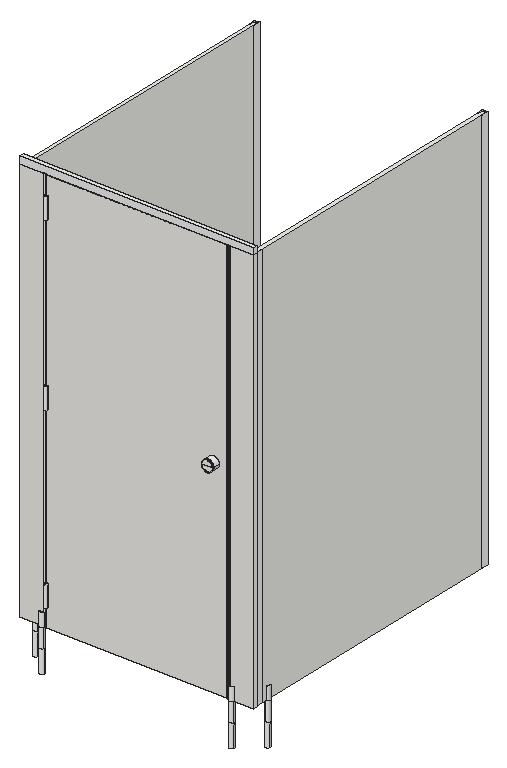
Revit family "Alsanit - Kabiny sanitarne SOLARI - LPW", category Doors, Revit 2020
Family settings
  Work Plane-Based = No
  Always vertical = Yes
  Cut with Voids When Loaded = No
  Shared = No
  Room Calculation Point = No
Parameters (values of type "18 mm")
  Width = 0.00 mm  # constant formula
  Type Comments = "Kabiny sanitarne (ścianki giszetowe do WC)"
  Typ nóżek [instance] = and((Thickness = 18.00 mm), not([Typ - kabina bez prześwitu]))  # yes
  Typ nózek centralny [instance] = and((Thickness = 28.00 mm), not([Typ - kabina bez prześwitu]))  # no
  Thickness = Grubość ścianki  # 18.00 mm
  Szerokość drzwi (max. 1000 mm) [instance] = 800.00 mm
  Rough Width = 0.00 mm  # constant formula
  Rough Height = 0.00 mm  # constant formula
  Podcięcie na geberit - prawe [instance] = no
  Podcięcie na geberit - prawa wartość [instance] = if([Podcięcie na geberit - prawe], Szerokość wewnętrzna modułu / 2 + 50.00 mm, 5.00 mm)  # 5.00 mm
  Podcięcie na geberit - odsunięcie poziome wartość [instance] = if([Podcięcie na geberit - odsunięcie poziome] = 0.00 mm, 5.00 mm, [Podcięcie na geberit - odsunięcie poziome])  # 5.00 mm
  Podcięcie na geberit - odsunięcie poziome [instance] = 0.00 mm
  Podcięcie na geberit - odsunięcie pionowe wartość [instance] = if([Podcięcie na geberit - odsunięcie pionowe] = 0.00 mm, 5.00 mm, [Podcięcie na geberit - odsunięcie pionowe])  # 5.00 mm
  Podcięcie na geberit - odsunięcie pionowe [instance] = 0.00 mm
  Podcięcie na geberit - lewe [instance] = no
  Podcięcie na geberit - lewa wartość [instance] = if([Podcięcie na geberit - lewe], Szerokość wewnętrzna modułu / 2 + 50.00 mm, 5.00 mm)  # 5.00 mm
  Nóżka prawa centralna [instance] = and(Typ nózek centralny, (Prawa strona zamknięta))  # no
  Nóżka lewa centralna [instance] = and(Typ nózek centralny, (Lewa strona zamknięta))  # no
  Nóżka lewa [instance] = and(Typ nóżek, (Lewa strona zamknięta))  # yes
  Nózka prawa [instance] = and(Typ nóżek, (Prawa strona zamknięta))  # yes
  Krótki opis = "Kabiny sanitarne ALSANIT posiadające oznaczenie CE zgodnie z parametrami systemu"
  Typ - kabina podwyższana [instance] = no
  Typ - kabina bez prześwitu [instance] = no
  Height = 0.00 mm  # constant formula
  Function = Interior
  Film Instruktażowy = "https://youtu.be/qyrI1CfgFO4"
  Define Thermal Properties by = Schematic Type
  Construction Type = "Kabiny sanitarne"
  Analytic Construction = "<None>"
  Akcesoria - wzmocnienie pionowe prawe [instance] = [Odsunięcie prawej ścianki od osi (min. 60 mm)] > 399.00 mm  # no
  Akcesoria - wzmocnienie pionowe lewe [instance] = (Szerokość wewnętrzna modułu - [Szerokość drzwi (max. 1000 mm)] - [Odsunięcie prawej ścianki od osi (min. 60 mm)]) > 400.00 mm  # no
  Wysokość ścianki łączącej [instance] = if([2030], 2000.00 mm, if(Prawa strona połączona, 2000.00 mm, [Wysokość modułu (2050 - 2600 mm)] - 10.00 mm))  # 2000.00 mm
  Szerokość zewnętrzna modułu [instance] = 1042.00 mm
  Szerokość wewnętrzna modułu [instance] = 1000.00 mm
  Szerokość obliczona [instance] = if(and(Lewa strona przy ścianie, Prawa strona przy ścianie), Szerokość wewnętrzna modułu - 2 * (Grubość ścianki + 7.00 mm), if(or(Lewa strona przy ścianie, Prawa strona przy ścianie), Szerokość wewnętrzna modułu - Grubość ścianki - 7.00 mm, Szerokość wewnętrzna modułu))  # 1000.00 mm
  Odsunięcie ścianki lewej [instance] = if([2600], 10.00 mm, 30.00 mm)  # 30.00 mm
  Odsunięcie górne ścianek frontowych [instance] = if(Belka usztywniająca wzmocniona, 20.00 mm, if([2600], 10.00 mm, 30.00 mm))  # 30.00 mm
  Wysokość szczeliny drzwi [instance] = if([0], 30.00 mm, 188.00 mm)  # 188.00 mm
  Odsunięcie profili w ściance łączącej [instance] = if([2030], 0.00 mm, if(Prawa strona połączona, 0.00 mm, 20.00 mm))  # 0.00 mm
  Wysokość modułu (2050 - 2600 mm) [instance] = 2500.00 mm
  Wysokość modułu [instance] = if([2030], 2030.00 mm, if([Wysokość modułu (2050 - 2600 mm)] < 2050.00 mm, 2050.00 mm, if([Wysokość modułu (2050 - 2600 mm)] > 2600.00 mm, 2600.00 mm, [Wysokość modułu (2050 - 2600 mm)])))  # 2030.00 mm
  Wysokość dolnej szczeliny [instance] = if([0], 1.50 mm, 188.00 mm)  # 188.00 mm
  Wysokość belek frontowych bocznych [instance] = if([0], 0.00 mm, 188.00 mm)  # 188.00 mm
  URL = "https://www.alsanit.pl/"
  Typ 2600 prawa strona zamknięta [instance] = and([2600], Prawa strona zamknięta)  # no
  Typ 2600 lewa strona zamknięta [instance] = and([2600], Lewa strona zamknięta)  # no
  Typ 188 prawa strona nie przy ścianie [instance] = and([188], not(Prawa strona przy ścianie))  # yes
  Typ 188 lewa strona zamknięta [instance] = and([188], Lewa strona zamknięta)  # yes
  Typ 00 prawa strona nie przy ścianie [instance] = and([0], not(Prawa strona przy ścianie))  # no
  Typ 00 lewa strona zamknięta [instance] = and([0], Lewa strona zamknięta)  # no
  2600 [instance] = [Typ - kabina podwyższana]  # no
  2030 [instance] = not([Typ - kabina podwyższana])  # yes
  188 [instance] = not([Typ - kabina bez prześwitu])  # yes
  0 [instance] = [Typ - kabina bez prześwitu]  # no
  Rodzaj płyt = "LPW - Laminowana płyta wiórowa"
  Prawe odsunięcie belki dolnej [instance] = if(Prawa strona przy ścianie, 30.00 mm, 0.00 mm)  # 0.00 mm
  Prawa strona niepołączona [instance] = not(Prawa strona połączona)  # yes
  Prawe odsunięcie belki wzmocnionej [instance] = if([2030], 0.00 mm, if(Prawa strona zamknięta, Prawe odsunięcie osi + Grubość ścianki / 2 + 1.50 mm, 0.00 mm))  # 0.00 mm
  Odsunięcie górne belek frontowych [instance] = if(Belka usztywniająca wzmocniona, 30.00 mm, if([2600], 30.00 mm, 0.00 mm))  # 0.00 mm
  Odsunięcie belek od dołu [instance] = if([0], 28.50 mm, 0.00 mm)  # 0.00 mm
  Lewe odsunięcie belki wzmocnionej [instance] = if([2030], 0.00 mm, if(Lewa strona zamknięta, Prawe odsunięcie osi + Grubość ścianki / 2 + 1.50 mm, 0.00 mm))  # 0.00 mm
  Model = "SOLARI"
  Manufacturer = "Alsanit"
  Lewe odsunięcie belki dolnej [instance] = if(Lewa strona przy ścianie, 30.00 mm, 0.00 mm)  # 0.00 mm
  Lewa strona niepołączona [instance] = not(Lewa strona połączona)  # yes
  Głębokość modułu (max. 1600 mm) [instance] = 1290.00 mm
  Głębokość modułu [instance] = if([Głębokość modułu (max. 1600 mm)] > 1500.00 mm, 1600.00 mm, [Głębokość modułu (max. 1600 mm)])  # 1290.00 mm
  Description = "Kabiny sanitarne SOLARI to idealna kombinacja trwałości i estetyki w najnowszej cenie. Ze względu na estetyczność zastosowań jest najchętniej kupowanym systemem kabin sanitarnych w Polsce."
  Belka usztywniająca wzmocniona [instance] = and([2030], Szerokość wewnętrzna modułu > 1300.00 mm)  # no
  Belka usztywniająca [instance] = and(not(Belka usztywniająca wzmocniona), not([Typ - kabina podwyższana]))  # yes
  Autor = "www.archispace.pl"
  Orientacja - na zewnątrz [instance] = not([Orientacja - do wewnątrz])  # yes
  Orientacja - do wewnątrz [instance] = no
  Wysokość drzwi [instance] = if(Belka usztywniająca wzmocniona, 1990.00 mm, if([2600], 2015.00 mm, 2000.00 mm))  # 2000.00 mm
  Ścianka łącząca [instance] = not(Prawa strona przy ścianie)  # yes
  Szerokość drzwi [instance] = if([Szerokość drzwi (max. 1000 mm)] > 1000.00 mm, 1000.00 mm, [Szerokość drzwi (max. 1000 mm)])  # 800.00 mm
  Prawe odsunięcie osi [instance] = if(Prawa strona zamknięta, Grubość ścianki / 2 + 3.00 mm, if(Prawa strona przy ścianie, Grubość ścianki / 2 + 7.00 mm, 0.00 mm))  # 12.00 mm
  Prawa strona zamknięta typ = Rodzaj połączenia : Zamknięta
  Prawa strona zamknięta [instance] = [Połączenie - prawa strona] = Prawa strona zamknięta typ  # yes
  Prawa strona przy ścianie typ = Rodzaj połączenia : Przy ścianie
  Prawa strona przy ścianie [instance] = [Połączenie - prawa strona] = Prawa strona przy ścianie typ  # no
  Prawa strona połączona typ = Rodzaj połączenia : Połączona
  Prawa strona połączona [instance] = [Połączenie - prawa strona] = Prawa strona połączona typ  # no
  Prawe odsunięcie osi panelu [instance] = if(Prawa strona przy ścianie, 10.00 mm, 0.00 mm)  # 0.00 mm
  Odsunięcie prawej ścianki od osi (min. 60 mm) [instance] = 102.00 mm
  Połączenie - prawa strona [instance] = Rodzaj połączenia : Zamknięta
  Orientacja - odbij lustrzanie [instance] = no
  Materiał płyt = Alsanit - LPW - Biały 9016
  Materiał okuć = Alsanit - Aluminium
  Materiał wsporników = Alsanit - Aluminium
  Materiał belek = Alsanit - Aluminium
  Lewe odsunięcie osi panelu [instance] = if(Lewa strona przy ścianie, 10.00 mm, 0.00 mm)  # 0.00 mm
  Lewe odsunięcie osi [instance] = if(Lewa strona zamknięta, Grubość ścianki / 2 + 3.00 mm, if(Lewa strona przy ścianie, Grubość ścianki / 2 + 7.00 mm, 0.00 mm))  # 12.00 mm
  Lewa strona zamknięta typ = Rodzaj połączenia : Zamknięta
  Lewa strona zamknięta [instance] = [Połączenie - lewa strona] = Lewa strona zamknięta typ  # yes
  Lewa strona przy ścianie typ = Rodzaj połączenia : Przy ścianie
  Lewa strona przy ścianie [instance] = [Połączenie - lewa strona] = Lewa strona przy ścianie typ  # no
  Lewa strona połączona typ = Rodzaj połączenia : Połączona
  Lewa strona połączona [instance] = [Połączenie - lewa strona] = Lewa strona połączona typ  # no
  Odsunięcie lewej ścianki od osi (min. 60 mm) [instance] = 102.00 mm
  Połączenie - lewa strona [instance] = Rodzaj połączenia : Zamknięta
  Grubość ścianki = 18.00 mm
  Default Elevation = 0.00 mm
  Orientacja - bez odbicia [instance] = not([Orientacja - odbij lustrzanie])  # yes
Reference planes
  plane 1 "Center (Front/Back)": y = 0
  plane 2: z = 0
  plane 3 "Center (Left/Right)": x = 0
  plane 4: x = -500
  plane 5: x = 500
  plane 6: x = 509
  plane 7: x = 518
  plane 8: x = -509
  plane 9: x = -518
  plane 10: y = -1290
  plane 11: y = -1308
  plane 12: y = -10
  plane 13: y = -1284
  plane 14: y = -1299
  plane 15 "Lewa oś wstawienia": x = -521
  plane 16 "Prawa oś wstawienia": x = 521
  plane 17: y = -1224.5
  plane 18: x = 407
  plane 19: x = 400
  plane 20: x = -400
  plane 21: x = -407
  plane 22 "Prawe odsunięcie osi panelu": x = 521
  plane 23 "Lewe odsunięcie osi panelu": x = -521
  plane 24: x = 0
  plane 25: x = -423.5
  plane 26: x = 423.5
  plane 27: z = 188
  plane 28 "Wysokość modułu": z = 2030
  plane 29 "Odsunięcie górne ścianek frontowych": z = 2000
  plane 30: y = -1288.5
  plane 31: x = -521
  plane 32: x = 521
  plane 33: z = 100
  plane 34: z = 243.5
  plane 35: z = 2000
  plane 36: z = 188
  plane 37: x = -521
  plane 38: x = 521
  plane 39: z = 188
  plane 40: z = 2000
  plane 41: z = 2030
  plane 42: z = 2000
  plane 43: z = 2000
  plane 44: z = 2000
  plane 45: z = 2030
  plane 46: z = 2000
  plane 47: z = 2030
  plane 48: x = 597
  plane 49: x = -597
  plane 50: z = 2005
  plane 51: z = 2000
  plane 52: z = 2000
  plane 53: z = 2000
  plane 54: z = 2000
  plane 55: z = 2000
  plane 56: x = -606
  plane 57: x = -588
  plane 58: x = 588
  plane 59: x = 606
  plane 60: x = -5
  plane 61: x = 5
  plane 62: z = 5
  plane 63: y = -5
  plane 64: z = 5
  plane 65: y = -5
Forms (mm)
  Sweep 1, solid, material "Alsanit - LPW - Biały 9016" <- "Materiał płyt", visible <- "Ścianka łącząca"
    path origin (0, 0, 0) x (1, 0, 0) y (0, 0, 1)
      loop
        line (509, 188) -> (509, 2000)
    profile origin (509, 0, 1094) x (-1, 0, 0) y (0, -1, 0)
      loop
        line (9, 10) -> (9, 1284) -> (-9, 1284) -> (-9, 10) -> (9, 10)
  Sweep 2, solid, material "Alsanit - LPW - Biały 9016" <- "Materiał płyt", visible <- "Lewa strona zamknięta"
    path origin (0, 0, 0) x (-1, 0, 0) y (0, 0, 1)
      loop
        line (509, 188) -> (509, 2000)
    profile origin (-509, 0, 1094) x (-1, 0, 0) y (0, -1, 0)
      loop
        line (-9, 10) -> (9, 10) -> (9, 1284) -> (-9, 1284) -> (-9, 10)
  Sweep 3, solid, material "Alsanit - Aluminium" <- "Materiał belek", visible <- "Ścianka łącząca", detail levels medium+fine
    path origin (0, 0, 0) x (1, 0, 0) y (0, 0, 1)
      loop
        line (509, 2000) -> (509, 188)
    profile "U-profile : U-profile" origin (509, 0, 1094) x (1, 0, 0) y (0, -1, 0)
      loop
        line (10.5, 0) -> (10.5, 30) -> (9, 30) -> (9, 1.5) -> (-9, 1.5) -> (-9, 30) -> (-10.5, 30) -> (-10.5, 0) -> (10.5, 0)
  Sweep 4, solid, material "Alsanit - Aluminium" <- "Materiał belek", visible <- "Lewa strona zamknięta", detail levels medium+fine
    path origin (0, 0, 0) x (-1, 0, 0) y (0, 0, 1)
      loop
        line (509, 2000) -> (509, 188)
    profile "U-profile : U-profile" origin (-509, 0, 1094) x (1, 0, 0) y (0, -1, 0)
      loop
        line (10.5, 0) -> (10.5, 30) -> (9, 30) -> (9, 1.5) -> (-9, 1.5) -> (-9, 30) -> (-10.5, 30) -> (-10.5, 0) -> (10.5, 0)
  Sweep 5, solid, material "Alsanit - Aluminium" <- "Materiał belek", visible <- "Lewa strona zamknięta", detail levels medium+fine
    path origin (673.537, -1290, 1200) x (1, 0, 0) y (0, 0, 1)
      loop
        line (-1182.537, 800) -> (-1182.537, -1012)
    profile "U-profile : U-profile" origin (-509, -1290, 1094) x (1, 0, 0) y (0, -1, 0)
      loop
        line (-10.5, 0) -> (-10.5, -30) -> (-9, -30) -> (-9, -1.5) -> (9, -1.5) -> (9, -30) -> (10.5, -30) -> (10.5, 0) -> (-10.5, 0)
  Sweep 6, solid, material "Alsanit - Aluminium" <- "Materiał belek", visible <- "Ścianka łącząca", detail levels medium+fine
    path origin (673.537, -1290, 1200) x (1, 0, 0) y (0, 0, 1)
      loop
        line (-164.537, 800) -> (-164.537, -1012)
    profile "U-profile : U-profile" origin (509, -1290, 1094) x (1, 0, 0) y (0, -1, 0)
      loop
        line (-10.5, 0) -> (-10.5, -30) -> (-9, -30) -> (-9, -1.5) -> (9, -1.5) -> (9, -30) -> (10.5, -30) -> (10.5, 0) -> (-10.5, 0)
  Extrusion 7, solid, material "Alsanit - LPW - Biały 9016" <- "Materiał płyt", detail levels medium+fine
    sketch origin (0, 0, 0) x (1, 0, 0) y (0, 1, 0)
      loop
        line (-521, -1290) -> (-521, -1308) -> (-407, -1308) -> (-407, -1290) -> (-521, -1290)
    from 188 to 2000
  Extrusion 8, solid, material "Alsanit - LPW - Biały 9016" <- "Materiał płyt", detail levels medium+fine
    sketch origin (0, 0, 0) x (-1, 0, 0) y (0, -1, 0)
      loop
        line (-521, 1290) -> (-407, 1290) -> (-407, 1308) -> (-521, 1308) -> (-521, 1290)
    from 188 to 2000
  Sweep 9, solid, material "Alsanit - Aluminium" <- "Materiał belek", visible <- "Lewa strona przy ścianie", detail levels medium+fine
    path origin (-771.956, -1299, 1200) x (-1, 0, 0) y (0, 0, 1)
      loop
        line (-250.956, -1012) -> (-250.956, 830)
    profile "U-profile : U-profile" origin (-521, -1299, 1109) x (1, 0, 0) y (0, 1, 0)
      loop
        line (0, -10.5) -> (30, -10.5) -> (30, -9) -> (1.5, -9) -> (1.5, 9) -> (30, 9) -> (30, 10.5) -> (0, 10.5) -> (0, -10.5)
  Sweep 10, solid, material "Alsanit - Aluminium" <- "Materiał belek", visible <- "Prawa strona przy ścianie", detail levels medium+fine
    path origin (771.956, -1299, 1200) x (1, 0, 0) y (0, 0, -1)
      loop
        line (-250.956, 1012) -> (-250.956, -830)
    profile "U-profile : U-profile" origin (521, -1299, 1109) x (1, 0, 0) y (0, 1, 0)
      loop
        line (0, 10.5) -> (-30, 10.5) -> (-30, 9) -> (-1.5, 9) -> (-1.5, -9) -> (-30, -9) -> (-30, -10.5) -> (0, -10.5) -> (0, 10.5)
  Sweep 11, solid, material "Alsanit - Aluminium" <- "Materiał belek", visible <- "Belka usztywniająca", detail levels medium+fine
    path origin (673.537, -1290, 1200) x (1, 0, 0) y (0, 0, 1)
      loop
        line (-1194.537, 830) -> (-152.537, 830)
    profile origin (0, -1290, 2030) x (0, 0, 1) y (0, -1, 0)
      loop
        line (0, 18) -> (-30, 18) -> (-30, 0) -> (0, 0) -> (0, 18)
  Extrusion 12, solid, material "Alsanit - LPW - Biały 9016" <- "Materiał płyt", detail levels coarse
    sketch origin (0, 0, 0) x (1, 0, 0) y (0, 1, 0)
      loop
        line (-521, -1290) -> (-521, -1308) -> (521, -1308) -> (521, -1290) -> (-521, -1290)
    from 188 to 2030
  Sweep 13, solid, material "Alsanit - Aluminium" <- "Materiał belek", visible <- "Typ 2600 lewa strona zamknięta", detail levels medium+fine
    path origin (-998.294, -1524, 2030) x (-1, 0, 0) y (0, -1, 0)
      loop
        line (-489.294, -1524) -> (-489.294, -235.5)
    profile "U-profile : U-profile" origin (-509, -644.25, 2030) x (1, 0, 0) y (0, 0, 1)
      loop
        line (-10.5, 0) -> (-10.5, -30) -> (-9, -30) -> (-9, -1.5) -> (9, -1.5) -> (9, -30) -> (10.5, -30) -> (10.5, 0) -> (-10.5, 0)
  Sweep 14, solid, material "Alsanit - Aluminium" <- "Materiał belek", visible <- "Typ 2600 prawa strona zamknięta", detail levels medium+fine
    path origin (-998.294, -1524, 2030) x (-1, 0, 0) y (0, -1, 0)
      loop
        line (-1507.294, -1524) -> (-1507.294, -235.5)
    profile "U-profile : U-profile" origin (509, -644.25, 2030) x (1, 0, 0) y (0, 0, 1)
      loop
        line (-10.5, 0) -> (-10.5, -30) -> (-9, -30) -> (-9, -1.5) -> (9, -1.5) -> (9, -30) -> (10.5, -30) -> (10.5, 0) -> (-10.5, 0)
  Sweep 15, solid, material "Alsanit - Aluminium" <- "Materiał belek", not visible, detail levels medium+fine
    path origin (-771.956, -1299, 4200) x (-1, 0, 0) y (0, 0, 1)
      loop
        line (-250.956, -2170) -> (-1292.956, -2170)
    profile "U-profile : U-profile" origin (0, -1299, 2030) x (0, 0, -1) y (0, 1, 0)
      loop
        line (0, -10.5) -> (30, -10.5) -> (30, -9) -> (1.5, -9) -> (1.5, 9) -> (30, 9) -> (30, 10.5) -> (0, 10.5) -> (0, -10.5)
  Sweep 16, solid, material "Alsanit - Aluminium" <- "Materiał belek", visible <- "2600", detail levels medium+fine
    path origin (-771.956, -1299, 1200) x (-1, 0, 0) y (0, 0, 1)
      loop
        line (-250.956, 830) -> (-1292.956, 830)
    profile "U-profile : U-profile" origin (0, -1299, 2030) x (0, 0, -1) y (0, 1, 0)
      loop
        line (0, -10.5) -> (30, -10.5) -> (30, -9) -> (1.5, -9) -> (1.5, 9) -> (30, 9) -> (30, 10.5) -> (0, 10.5) -> (0, -10.5)
  Sweep 17, solid, material "Alsanit - Aluminium" <- "Materiał wsporników", visible <- "Nózka prawa"
    path origin (516, -1224.5, 1200) x (1, 0, 0) y (0, 0, 1)
      loop
        line (-516, -1200) -> (-516, -1100)
    profile origin (0, -1224.5, 50) x (-1, 0, 0) y (0, -1, 0)
      loop
        circle (-518, 0) r 11
  Sweep 18, solid, material "Alsanit - Aluminium" <- "Materiał wsporników", visible <- "Nóżka lewa"
    path origin (362, -1224.5, 1200) x (1, 0, 0) y (0, 0, 1)
      loop
        line (-367, -1200) -> (-367, -1100)
    profile origin (-5, -1224.5, 50) x (-1, 0, 0) y (0, -1, 0)
      loop
        circle (513, 0) r 11
  Sweep 19, solid, material "Alsanit - Aluminium" <- "Materiał wsporników", visible <- "Nózka prawa"
    path origin (516, -1224.5, 1200) x (1, 0, 0) y (0, 0, 1)
      loop
        line (-516, -956.5) -> (-516, -1012)
    profile origin (0, -1224.5, 215.75) x (0, -1, 0) y (1, 0, 0)
      loop
        line (-10, 518) -> (10, 518)
        arc (10, 518) -> (0, 528) -> (-10, 518) r 10
  Sweep 20, solid, material "Alsanit - Aluminium" <- "Materiał wsporników", visible <- "Nóżka lewa"
    path origin (362, -1224.5, 1200) x (1, 0, 0) y (0, 0, 1)
      loop
        line (-367, -1012) -> (-367, -956.5)
    profile origin (-5, -1224.5, 215.75) x (-1, 0, 0) y (0, -1, 0)
      loop
        line (513, 10) -> (513, -10)
        arc (513, -10) -> (523, 0) -> (513, 10) r 10
  Sweep 21, solid, material "Alsanit - Aluminium" <- "Materiał wsporników", visible <- "Nózka prawa"
    path origin (516, -1224.5, 1200) x (1, 0, 0) y (0, 0, 1)
      loop
        line (-516, -1012) -> (-516, -1100)
    profile origin (0, -1224.5, 144) x (0, -1, 0) y (1, 0, 0)
      loop
        circle (0, 518) r 10
  Sweep 22, solid, material "Alsanit - Aluminium" <- "Materiał wsporników", visible <- "Nóżka lewa"
    path origin (362, -1224.5, 1200) x (1, 0, 0) y (0, 0, 1)
      loop
        line (-367, -1100) -> (-367, -1012)
    profile origin (-5, -1224.5, 144) x (-1, 0, 0) y (0, -1, 0)
      loop
        circle (513, 0) r 10
  Sweep 23, solid, material "Alsanit - Aluminium" <- "Materiał wsporników", visible <- "Typ nóżek"
    path origin (-817.898, -1308, 1200) x (-1, 0, 0) y (0, 0, 1)
      loop
        line (-394.398, -1200) -> (-394.398, -1100)
    profile origin (-423.5, -1308, 50) x (1, 0, 0) y (0, 1, 0)
      loop
        circle (0, 0) r 11
  Sweep 24, solid, material "Alsanit - Aluminium" <- "Materiał wsporników", visible <- "Typ nóżek"
    path origin (-817.898, -1308, 1200) x (-1, 0, 0) y (0, 0, 1)
      loop
        line (-394.398, -1012) -> (-394.398, -956.5)
    profile origin (-423.5, -1308, 215.75) x (1, 0, 0) y (0, 1, 0)
      loop
        line (10, 0) -> (-10, 0)
        arc (-10, 0) -> (0, -10) -> (10, 0) r 10
  Sweep 25, solid, material "Alsanit - Aluminium" <- "Materiał wsporników", visible <- "Typ nóżek"
    path origin (-817.898, -1308, 1200) x (-1, 0, 0) y (0, 0, 1)
      loop
        line (-394.398, -1100) -> (-394.398, -1012)
    profile origin (-423.5, -1308, 144) x (1, 0, 0) y (0, 1, 0)
      loop
        circle (0, 0) r 10
  Sweep 26, solid, material "Alsanit - Aluminium" <- "Materiał wsporników", visible <- "Typ nóżek"
    path origin (-817.898, -1308, 1200) x (-1, 0, 0) y (0, 0, 1)
      loop
        line (-1241.398, -1200) -> (-1241.398, -1100)
    profile origin (423.5, -1308, 50) x (1, 0, 0) y (0, 1, 0)
      loop
        circle (0, 0) r 11
  Sweep 27, solid, material "Alsanit - Aluminium" <- "Materiał wsporników", visible <- "Typ nóżek"
    path origin (-817.898, -1308, 1200) x (-1, 0, 0) y (0, 0, 1)
      loop
        line (-1241.398, -1012) -> (-1241.398, -956.5)
    profile origin (423.5, -1308, 215.75) x (1, 0, 0) y (0, 1, 0)
      loop
        arc (-10, 0) -> (0, -10) -> (10, 0) r 10
        line (10, 0) -> (-10, 0)
  Sweep 28, solid, material "Alsanit - Aluminium" <- "Materiał wsporników", visible <- "Typ nóżek"
    path origin (-817.898, -1308, 1200) x (-1, 0, 0) y (0, 0, 1)
      loop
        line (-1241.398, -1100) -> (-1241.398, -1012)
    profile origin (423.5, -1308, 144) x (1, 0, 0) y (0, 1, 0)
      loop
        circle (0, 0) r 10
  Sweep 29, solid, material "Alsanit - Aluminium" <- "Materiał belek", visible <- "Typ 00 lewa strona zamknięta"
    path origin (0, 0, 0) x (1, 0, 0) y (0, 1, 0)
      loop
        line (-509, 0) -> (-509, -1290)
    profile "U-profile : U-profile" origin (-509, -645, 0) x (1, 0, 0) y (0, 0, 1)
      loop
        line (10.5, 0) -> (10.5, 30) -> (9, 30) -> (9, 1.5) -> (-9, 1.5) -> (-9, 30) -> (-10.5, 30) -> (-10.5, 0) -> (10.5, 0)
  Sweep 30, solid, material "Alsanit - Aluminium" <- "Materiał belek", visible <- "Typ 00 prawa strona nie przy ścianie"
    path origin (0, 0, 0) x (-1, 0, 0) y (0, -1, 0)
      loop
        line (-509, 0) -> (-509, 1290)
    profile "U-profile : U-profile" origin (509, -645, 0) x (1, 0, 0) y (0, 0, 1)
      loop
        line (-10.5, 0) -> (10.5, 0) -> (10.5, 30) -> (9, 30) -> (9, 1.5) -> (-9, 1.5) -> (-9, 30) -> (-10.5, 30) -> (-10.5, 0)
  Sweep 31, solid, material "Alsanit - Aluminium" <- "Materiał belek", visible <- "0"
    path origin (0, 0, 0) x (1, 0, 0) y (0, 1, 0)
      loop
        line (-521, -1299) -> (-407, -1299)
    profile "U-profile : U-profile" origin (-464, -1299, 0) x (0, 1, 0) y (0, 0, 1)
      loop
        line (10.5, 0) -> (10.5, 30) -> (9, 30) -> (9, 1.5) -> (-9, 1.5) -> (-9, 30) -> (-10.5, 30) -> (-10.5, 0) -> (10.5, 0)
  Sweep 32, solid, material "Alsanit - Aluminium" <- "Materiał belek", visible <- "0"
    path origin (0, 0, 0) x (-1, 0, 0) y (0, -1, 0)
      loop
        line (-521, 1299) -> (-407, 1299)
    profile "U-profile : U-profile" origin (464, -1299, 0) x (0, -1, 0) y (0, 0, 1)
      loop
        line (-10.5, 0) -> (10.5, 0) -> (10.5, 30) -> (9, 30) -> (9, 1.5) -> (-9, 1.5) -> (-9, 30) -> (-10.5, 30) -> (-10.5, 0)
  Sweep 33, solid, material "Alsanit - LPW - Biały 9016" <- "Materiał płyt", visible <- "Akcesoria - wzmocnienie pionowe prawe", detail levels medium+fine
    path origin (-771.956, -1299, 1200) x (-1, 0, 0) y (0, 0, 1)
      loop
        line (-1368.956, -1012) -> (-1368.956, 800)
    profile origin (597, -1299, 1094) x (1, 0, 0) y (0, 1, 0)
      loop
        line (-9, 15) -> (9, 15) -> (9, 110) -> (-9, 110) -> (-9, 15)
  Sweep 34, solid, material "Alsanit - Aluminium" <- "Materiał belek", visible <- "Akcesoria - wzmocnienie pionowe prawe", detail levels medium+fine
    path origin (673.537, -1290, 1200) x (1, 0, 0) y (0, 0, 1)
      loop
        line (-76.537, -1012) -> (-76.537, 800)
    profile "U-profile : U-profile" origin (597, -1290, 1094) x (-1, 0, 0) y (0, -1, 0)
      loop
        line (-10.5, 0) -> (-10.5, -30) -> (-9, -30) -> (-9, -1.5) -> (9, -1.5) -> (9, -30) -> (10.5, -30) -> (10.5, 0) -> (-10.5, 0)
  Sweep 35, solid, material "Alsanit - LPW - Biały 9016" <- "Materiał płyt", visible <- "Akcesoria - wzmocnienie pionowe lewe", detail levels medium+fine
    path origin (1162.956, -1299, 1200) x (1, 0, 0) y (0, 0, -1)
      loop
        line (-1759.956, 1012) -> (-1759.956, -800)
    profile origin (-597, -1299, 1094) x (1, 0, 0) y (0, 1, 0)
      loop
        line (9, 15) -> (9, 110) -> (-9, 110) -> (-9, 15) -> (9, 15)
  Sweep 36, solid, material "Alsanit - Aluminium" <- "Materiał belek", visible <- "Akcesoria - wzmocnienie pionowe lewe", detail levels medium+fine
    path origin (673.537, -1290, 1200) x (1, 0, 0) y (0, 0, 1)
      loop
        line (-1270.537, -1012) -> (-1270.537, 800)
    profile "U-profile : U-profile" origin (-597, -1290, 1094) x (-1, 0, 0) y (0, -1, 0)
      loop
        line (10.5, 0) -> (-10.5, 0) -> (-10.5, -30) -> (-9, -30) -> (-9, -1.5) -> (9, -1.5) -> (9, -30) -> (10.5, -30) -> (10.5, 0)
  Sweep 37, solid, material "Alsanit - Aluminium" <- "Materiał belek", visible <- "Belka usztywniająca wzmocniona"
    path origin (0, -160, 0) x (1, 0, 0) y (0, 1, 0)
      loop
        line (-521, -1139) -> (521, -1139)
    profile origin (0, -1299, 0) x (0, 1, 0) y (0, 0, 1)
      loop
        line (-9, 2000) -> (-9, 2010.006) -> (9, 2010.006) -> (9, 2000) -> (14.963, 2000)
        arc (14.963, 2000) -> (16.541, 2000.771) -> (16.903, 2002.49) r 2
        arc (16.903, 2002.49) -> (18.764, 2017.037) -> (16.301, 2031.495) r 49.722
        arc (16.301, 2031.495) -> (15.681, 2031.874) -> (14.965, 2032.006) r 2
        line (14.965, 2032.006) -> (14.002, 2032.006) -> (14.002, 2030.606) -> (15.303, 2030.606)
        arc (15.303, 2030.606) -> (17.251, 2021.408) -> (17.387, 2012.006) r 48.5
        line (17.387, 2012.006) -> (-19.028, 2012.006) -> (-19.028, 2032.006) -> (-31.863, 2032.006)
        arc (-31.863, 2032.006) -> (-33.103, 2031.576) -> (-33.809, 2030.47) r 2
        arc (-33.809, 2030.47) -> (-35.944, 2016.003) -> (-33.807, 2001.537) r 50.053
        arc (-33.807, 2001.537) -> (-33.101, 2000.431) -> (-31.861, 2000) r 2
        line (-31.861, 2000) -> (-9, 2000)
  Extrusion 38, solid, material "Alsanit - Aluminium" <- "Materiał wsporników", visible <- "Nóżka lewa centralna"
    sketch origin (0, 0, 0) x (1, 0, 0) y (0, 1, 0)
      loop
        circle (-509, -1224.5) r 6
    from 3 to 188
  Extrusion 39, solid, material "Alsanit - Aluminium" <- "Materiał wsporników", visible <- "Nóżka prawa centralna"
    sketch origin (0, 0, 0) x (1, 0, 0) y (0, 1, 0)
      loop
        circle (509, -1224.5) r 6
    from 3 to 188
  Extrusion 40, solid, material "Alsanit - Aluminium" <- "Materiał wsporników", visible <- "Typ nózek centralny"
    sketch origin (0, 0, 0) x (1, 0, 0) y (0, 1, 0)
      loop
        circle (423.5, -1299) r 7
    from 3 to 188
  Extrusion 41, solid, material "Alsanit - Aluminium" <- "Materiał wsporników", visible <- "Typ nózek centralny"
    sketch origin (0, 0, 0) x (1, 0, 0) y (0, 1, 0)
      loop
        circle (-423.5, -1299) r 11
    from 3 to 188
  Extrusion 42, solid, material "Alsanit - Aluminium" <- "Materiał wsporników", visible <- "Nóżka lewa centralna"
    sketch origin (0, 0, 0) x (1, 0, 0) y (0, 1, 0)
      loop
        circle (-509, -1224.5) r 16
    from 0 to 3
  Extrusion 43, solid, material "Alsanit - Aluminium" <- "Materiał wsporników", visible <- "Nóżka prawa centralna"
    sketch origin (0, 0, 0) x (1, 0, 0) y (0, 1, 0)
      loop
        circle (509, -1224.5) r 16
    from 0 to 3
  Extrusion 44, solid, material "Alsanit - Aluminium" <- "Materiał wsporników", visible <- "Typ nózek centralny"
    sketch origin (0, 0, 0) x (1, 0, 0) y (0, 1, 0)
      loop
        circle (423.5, -1299) r 16
    from 0 to 3
  Extrusion 45, solid, material "Alsanit - Aluminium" <- "Materiał wsporników", visible <- "Typ nózek centralny"
    sketch origin (0, 0, 0) x (1, 0, 0) y (0, 1, 0)
      loop
        circle (-423.5, -1299) r 16
    from 0 to 3
  Sweep 46, solid, material "Alsanit - Aluminium" <- "Materiał belek", visible <- "Orientacja - na zewnątrz", detail levels medium+fine
    path origin (-771.956, -1299, 1200) x (-1, 0, 0) y (0, 0, 1)
      loop
        line (-364.956, 800) -> (-364.956, -1012)
    profile "LPW profile : LPW profile" origin (-407, -1299, 1094) x (-1, 0, 0) y (0, 1, 0)
      loop
        line (0, 9) -> (19, 9) -> (19, 10.5) -> (-0.7, 10.5) -> (-0.7, 15) -> (-19.7, 15) -> (-19.7, 10.5) -> (-11.2, 10.5) -> (-11.2, 13.7) -> (-2, 13.7) -> (-2, -10.5) -> (8, -10.5) -> (8, -9) -> (0, -9) -> (0, 9)
  Sweep 47, solid, material "Alsanit - Aluminium" <- "Materiał belek", visible <- "Orientacja - na zewnątrz", detail levels medium+fine
    path origin (-771.956, -1299, 1200) x (-1, 0, 0) y (0, 0, 1)
      loop
        line (-1178.956, 800) -> (-1178.956, -1012)
    profile "LPW profile : LPW profile" origin (407, -1299, 1094) x (-1, 0, 0) y (0, 1, 0)
      loop
        line (0, 9) -> (0, -9) -> (-8, -9) -> (-8, -10.5) -> (2, -10.5) -> (2, 13.7) -> (11.2, 13.7) -> (11.2, 10.5) -> (19.7, 10.5) -> (19.7, 15) -> (0.7, 15) -> (0.7, 10.5) -> (-19, 10.5) -> (-19, 9) -> (0, 9)
  Sweep 48, solid, material "Alsanit - Aluminium" <- "Materiał belek", visible <- "Orientacja - do wewnątrz"
    path origin (-771.956, -1299, 1200) x (-1, 0, 0) y (0, 0, 1)
      loop
        line (-364.956, 800) -> (-364.956, -1012)
    profile "LPW profile : LPW profile" origin (-407, -1299, 1094) x (-1, 0, 0) y (0, 1, 0)
      loop
        line (0, -9) -> (0, 9) -> (8, 9) -> (8, 10.5) -> (-2, 10.5) -> (-2, -13.7) -> (-11.2, -13.7) -> (-11.2, -10.5) -> (-19.7, -10.5) -> (-19.7, -15) -> (-0.7, -15) -> (-0.7, -10.5) -> (19, -10.5) -> (19, -9) -> (0, -9)
  Sweep 49, solid, material "Alsanit - Aluminium" <- "Materiał belek", visible <- "Orientacja - do wewnątrz"
    path origin (-771.956, -1299, 1200) x (-1, 0, 0) y (0, 0, 1)
      loop
        line (-1178.956, 800) -> (-1178.956, -1012)
    profile "LPW profile : LPW profile" origin (407, -1299, 1094) x (-1, 0, 0) y (0, 1, 0)
      loop
        line (0, -9) -> (-19, -9) -> (-19, -10.5) -> (0.7, -10.5) -> (0.7, -15) -> (19.7, -15) -> (19.7, -10.5) -> (11.2, -10.5) -> (11.2, -13.7) -> (2, -13.7) -> (2, 10.5) -> (-8, 10.5) -> (-8, 9) -> (0, 9) -> (0, -9)
  Sweep 50, solid, material "Alsanit - LPW - Biały 9016" <- "Materiał płyt", visible <- "2600", detail levels medium+fine
    path origin (0, 0, 0) x (1, 0, 0) y (0, 1, 0)
      loop
        line (-400, -1299) -> (400, -1299)
    profile origin (0, -1299, 0) x (0, 1, 0) y (0, 0, 1)
      loop
        line (9, 2000) -> (9, 2005) -> (-9, 2005) -> (-9, 2000) -> (9, 2000)
  Extrusion 51, solid, material "Alsanit - Aluminium" <- "Materiał wsporników", visible <- "Akcesoria - wzmocnienie pionowe lewe"
    sketch origin (-83, 0, 0) x (1, 0, 0) y (0, 1, 0)
      loop
        circle (-514, -1224.5) r 7.5
    from 0 to 188
  Extrusion 52, solid, material "Alsanit - Aluminium" <- "Materiał wsporników", visible <- "Akcesoria - wzmocnienie pionowe prawe"
    sketch origin (1111, 0, 0) x (1, 0, 0) y (0, 1, 0)
      loop
        circle (-514, -1224.5) r 7.5
    from 0 to 188
  Sweep 53, void
    path origin (0, 0, 0) x (1, 0, 0) y (0, 1, 0)
      loop
        line (0, 0) -> (-5, 0)
    profile origin (-2.5, 0, 0) x (0, -1, 0) y (0, 0, 1)
      loop
        line (0, 5) -> (0, 0) -> (5, 0) -> (5, 5) -> (0, 5)
  Sweep 54, void
    path origin (0, 0, 0) x (-1, 0, 0) y (0, -1, 0)
      loop
        line (0, 0) -> (-5, 0)
    profile origin (2.5, 0, 0) x (0, 1, 0) y (0, 0, 1)
      loop
        line (0, 5) -> (-5, 5) -> (-5, 0) -> (0, 0) -> (0, 5)
Cuts and joins
  joined: Sweep 27, Sweep 28
  joined: Sweep 19, Sweep 21
  joined: Sweep 20, Sweep 22
  joined: Sweep 24, Sweep 25
  Sweep 53 cuts Sweep 4
  Sweep 53 cuts Sweep 2
  Sweep 53 cuts Sweep 29
  Sweep 54 cuts Sweep 1
  Sweep 54 cuts Sweep 3
  Sweep 54 cuts Sweep 30
Lines and regions (mm)
  model lines, style "Doors", detail levels medium+fine
    curve 1: line (407, -1308, 2000) -> (407, -1308, 188)
    curve 3: line (521, -1308, 2000) -> (407, -1308, 2000)
    curve 6: line (-407, -1308, 188) -> (-407, -1308, 2000)
    curve 7: line (-407, -1308, 2000) -> (-521, -1308, 2000)
    curve 10: line (-407, -1290, 188) -> (-407, -1308, 188)
    curve 11: line (407, -1290, 188) -> (407, -1308, 188)
    curve 14: line (-407, -1290, 2000) -> (-407, -1308, 2000)
    curve 15: line (407, -1290, 2000) -> (407, -1308, 2000)
    curve 17: line (407, -1290, 2000) -> (407, -1290, 188)
    curve 19: line (521, -1290, 2000) -> (407, -1290, 2000)
    curve 20: line (407, -1290, 188) -> (521, -1290, 188)
    curve 22: line (-407, -1290, 188) -> (-407, -1290, 2000)
    curve 23: line (-407, -1290, 2000) -> (-521, -1290, 2000)
    curve 24: line (-521, -1290, 188) -> (-407, -1290, 188)
  model lines, style "Doors", visible <- "Prawa strona niepołączona", detail levels medium+fine
    curve 2: line (521, -1308, 188) -> (521, -1308, 2000)
    curve 12: line (521, -1290, 188) -> (521, -1308, 188)
    curve 16: line (521, -1290, 2000) -> (521, -1308, 2000)
    curve 18: line (521, -1290, 188) -> (521, -1290, 2000)
  model lines, style "Doors"
    curve 4: line (407, -1308, 188) -> (521, -1308, 188)
    curve 8: line (-521, -1308, 188) -> (-407, -1308, 188)
  model lines, style "Doors", visible <- "Lewa strona niepołączona", detail levels medium+fine
    curve 5: line (-521, -1308, 2000) -> (-521, -1308, 188)
    curve 9: line (-521, -1290, 188) -> (-521, -1308, 188)
    curve 13: line (-521, -1290, 2000) -> (-521, -1308, 2000)
    curve 21: line (-521, -1290, 2000) -> (-521, -1290, 188)
Dimensions and locks
  equal spacing: plane 5, plane 6, plane 7
  "Grubość ścianki": plane 5 to plane 7
  equal spacing: plane 9, plane 8, plane 4
  "Grubość ścianki": plane 9 to plane 4
  "Głębokość modułu": plane 10 to plane 1 "Center (Front/Back)"
  "Grubość ścianki": plane 11 to plane 10
  locked: plane 12 to plane 1 "Center (Front/Back)" at 10
  locked: plane 10 to plane 13 at 6
  equal spacing: plane 10, plane 14, plane 11
  equal spacing: plane 4, plane 3 "Center (Left/Right)", plane 5
  "Szerokość obliczona": plane 4 to plane 5
  "Lewe odsunięcie osi": plane 15 "Lewa oś wstawienia" to plane 8
  "Prawe odsunięcie osi": plane 6 to plane 16 "Prawa oś wstawienia"
  locked: plane 10 to plane 17 at 65.5
  locked: plane 19 to plane 18 at 7
  locked: plane 21 to plane 20 at 7
  "Szerokość drzwi": plane 20 to plane 19
  equal spacing: plane 20, plane 24, plane 19
  locked: plane 25 to plane 20 at 23.5
  locked: plane 19 to plane 26 at 23.5
  "Odsunięcie prawej ścianki od osi (min. 60 mm)": plane 18 to plane 6
  "Odsunięcie lewej ścianki od osi (min. 60 mm)": plane 8 to plane 21
  "Wysokość modułu": plane 28 "Wysokość modułu" to plane 2
  locked: plane 10 to plane 30 at 1.5
  "Wysokość dolnej szczeliny": plane 27 to level
  locked: plane 33 to plane 2 at 100
  "Lewe odsunięcie belki wzmocnionej": plane 15 "Lewa oś wstawienia" to plane 31
  "Prawe odsunięcie belki wzmocnionej": plane 32 to plane 16 "Prawa oś wstawienia"
  locked: plane 34 to plane 27 at 55.5
  locked: plane 28 "Wysokość modułu" to plane 35 at 30
  "Lewe odsunięcie osi panelu": plane 15 "Lewa oś wstawienia" to plane 23 "Lewe odsunięcie osi panelu"
  "Prawe odsunięcie osi panelu": plane 22 "Prawe odsunięcie osi panelu" to plane 16 "Prawa oś wstawienia"
  "Odsunięcie belek od dołu": plane 36 to plane 27
  "Lewe odsunięcie belki dolnej": plane 15 "Lewa oś wstawienia" to plane 37
  "Prawe odsunięcie belki dolnej": plane 38 to plane 16 "Prawa oś wstawienia"
  "Wysokość belek frontowych bocznych": plane 39 to plane 2
  "Wysokość ścianki łączącej": plane 40 to level
  "Odsunięcie górne belek frontowych": plane 28 "Wysokość modułu" to plane 41
  "Odsunięcie ścianki lewej": plane 28 "Wysokość modułu" to plane 42
  "Odsunięcie górne ścianek frontowych": plane 28 "Wysokość modułu" to plane 29 "Odsunięcie górne ścianek frontowych"
  "Odsunięcie profili w ściance łączącej": plane 40 to plane 43
  "Odsunięcie profili w ściance łączącej": plane 40 to plane 44
  "Odsunięcie górne belek frontowych": plane 28 "Wysokość modułu" to plane 45
  locked: plane 46 to level at 2000
  locked: plane 47 to plane 46 at 30
  "Szerokość zewnętrzna modułu": plane 15 "Lewa oś wstawienia" to plane 16 "Prawa oś wstawienia"
  locked: plane 18 to plane 48 at 190
  locked: plane 49 to plane 21 at 190
  equal spacing: Extrusion 38 sketch curve, plane 8, Extrusion 38 sketch curve
  equal spacing: Extrusion 38 sketch curve, plane 17, Extrusion 38 sketch curve
  equal spacing: Extrusion 39 sketch curve, plane 6, Extrusion 39 sketch curve
  equal spacing: Extrusion 39 sketch curve, plane 17, Extrusion 39 sketch curve
  equal spacing: Extrusion 40 sketch curve, plane 26, Extrusion 40 sketch curve
  equal spacing: Extrusion 40 sketch curve, plane 14, Extrusion 40 sketch curve
  equal spacing: Extrusion 41 sketch curve, plane 14, Extrusion 41 sketch curve
  equal spacing: Extrusion 41 sketch curve, plane 25, Extrusion 41 sketch curve
  equal spacing: Extrusion 42 sketch curve, plane 8, Extrusion 42 sketch curve
  equal spacing: Extrusion 42 sketch curve, plane 17, Extrusion 42 sketch curve
  equal spacing: Extrusion 43 sketch curve, plane 6, Extrusion 43 sketch curve
  equal spacing: Extrusion 43 sketch curve, plane 17, Extrusion 43 sketch curve
  equal spacing: Extrusion 44 sketch curve, plane 26, Extrusion 44 sketch curve
  equal spacing: Extrusion 44 sketch curve, plane 14, Extrusion 44 sketch curve
  equal spacing: Extrusion 45 sketch curve, plane 25, Extrusion 45 sketch curve
  equal spacing: Extrusion 45 sketch curve, plane 14, Extrusion 45 sketch curve
  plane 20 to plane 21 = 7.00 mm
  "Wysokość drzwi": plane 51 to level
  locked: plane 50 to plane 51 at 5
  locked: plane 52 to plane 2 at 2000
  locked: plane 54 to level at 2000
  locked: plane 55 to level at 2000
  equal spacing: plane 56, plane 49, plane 57
  "Grubość ścianki": plane 56 to plane 57
  equal spacing: plane 58, plane 48, plane 59
  "Grubość ścianki": plane 58 to plane 59
  "Podcięcie na geberit - lewa wartość": plane 60 to plane 3 "Center (Left/Right)"
  "Podcięcie na geberit - prawa wartość": plane 3 "Center (Left/Right)" to plane 61
  "Podcięcie na geberit - odsunięcie poziome wartość": plane 1 "Center (Front/Back)" to plane 63
  "Podcięcie na geberit - odsunięcie pionowe wartość": plane 62 to level
  "Podcięcie na geberit - odsunięcie pionowe wartość": plane 64 to level
  "Podcięcie na geberit - odsunięcie poziome wartość": plane 1 "Center (Front/Back)" to plane 65
  aligned and locked: level to plane 2
  aligned and locked: plane 5 to Sweep 1 sketch curve
  aligned and locked: Sweep 1 sketch curve to plane 7
  aligned and locked: Sweep 1 sketch curve to plane 13
  aligned and locked: plane 12 to Sweep 1 sketch curve
  aligned and locked: Sweep 2 sketch curve to plane 12
  aligned and locked: plane 9 to Sweep 2 sketch curve
  aligned and locked: plane 4 to Sweep 2 sketch curve
  aligned and locked: plane 13 to Sweep 2 sketch curve
  aligned and locked: plane 6 to Sweep 3 sketch curve
  aligned and locked: Sweep 4 sketch curve to plane 8
  aligned and locked: Sweep 1 sketch curve to plane 6
  aligned and locked: plane 8 to Sweep 2 sketch curve
  aligned and locked: Extrusion 7 sketch curve to plane 21
  aligned and locked: plane 11 to Extrusion 7 sketch curve
  aligned and locked: plane 10 to Extrusion 7 sketch curve
  aligned and locked: Extrusion 7 sketch curve to plane 23 "Lewe odsunięcie osi panelu"
  aligned and locked: Extrusion 8 sketch curve to plane 18
  aligned and locked: Extrusion 8 sketch curve to plane 11
  aligned and locked: Extrusion 8 sketch curve to plane 10
  aligned and locked: plane 22 "Prawe odsunięcie osi panelu" to Extrusion 8 sketch curve
  aligned and locked: plane 10 to nested 1
  aligned and locked: nested 2 to nested 1
  aligned and locked: nested 2 to plane 10
  aligned and locked: nested 1 to plane 24
  aligned and locked: nested 2 to level
  aligned and locked: level to nested 1
  aligned and locked: plane 10 to Extrusion 12 sketch curve
  aligned and locked: plane 11 to Extrusion 12 sketch curve
  aligned and locked: plane 15 "Lewa oś wstawienia" to Extrusion 12 sketch curve
  aligned and locked: Extrusion 12 sketch curve to plane 16 "Prawa oś wstawienia"
  aligned and locked: Extrusion 7 to plane 27
  aligned and locked: Extrusion 8 to plane 27
  aligned and locked: curve 1 to plane 18
  aligned and locked: plane 18 to curve 4
  aligned and locked: curve 4 to plane 27
  aligned and locked: plane 27 to curve 2
  aligned and locked: plane 22 "Prawe odsunięcie osi panelu" to curve 2
  aligned and locked: plane 22 "Prawe odsunięcie osi panelu" to curve 3
  aligned and locked: curve 8 to plane 27
  aligned and locked: plane 23 "Lewe odsunięcie osi panelu" to curve 5
  aligned and locked: plane 21 to curve 6
  aligned and locked: plane 11 to curve 9
  aligned and locked: plane 10 to curve 9
  aligned and locked: curve 10 to plane 21
  aligned and locked: plane 11 to curve 10
  aligned and locked: plane 10 to curve 10
  aligned and locked: curve 11 to plane 18
  aligned and locked: plane 10 to curve 11
  aligned and locked: plane 11 to curve 11
  aligned and locked: plane 10 to curve 12
  aligned and locked: plane 11 to curve 12
  aligned and locked: curve 12 to plane 22 "Prawe odsunięcie osi panelu"
  aligned and locked: plane 10 to curve 13
  aligned and locked: plane 11 to curve 13
  aligned and locked: plane 11 to curve 14
  aligned and locked: plane 10 to curve 14
  aligned and locked: curve 14 to plane 21
  aligned and locked: plane 11 to curve 15
  aligned and locked: plane 10 to curve 15
  aligned and locked: curve 15 to plane 18
  aligned and locked: plane 10 to curve 16
  aligned and locked: plane 11 to curve 16
  aligned and locked: curve 16 to plane 22 "Prawe odsunięcie osi panelu"
  aligned and locked: plane 23 "Lewe odsunięcie osi panelu" to curve 13
  aligned and locked: plane 23 "Lewe odsunięcie osi panelu" to curve 9
  aligned and locked: Extrusion 12 to plane 28 "Wysokość modułu"
  aligned and locked: plane 16 "Prawa oś wstawienia" to Sweep 10 sketch curve
  aligned and locked: plane 15 "Lewa oś wstawienia" to Sweep 9 sketch curve
  aligned and locked: plane 6 to Sweep 6 sketch curve
  aligned and locked: Extrusion 7 to plane 29 "Odsunięcie górne ścianek frontowych"
  aligned and locked: Extrusion 8 to plane 29 "Odsunięcie górne ścianek frontowych"
  aligned and locked: curve 23 to plane 29 "Odsunięcie górne ścianek frontowych"
  aligned and locked: curve 7 to plane 29 "Odsunięcie górne ścianek frontowych"
  aligned and locked: curve 3 to plane 29 "Odsunięcie górne ścianek frontowych"
  aligned and locked: curve 19 to plane 29 "Odsunięcie górne ścianek frontowych"
  aligned and locked: plane 27 to Sweep 1 sketch curve
  aligned and locked: plane 27 to Sweep 2 sketch curve
  aligned and locked: plane 1 "Center (Front/Back)" to Sweep 13 sketch curve
  aligned and locked: Sweep 13 sketch curve to plane 8
  aligned and locked: plane 6 to Sweep 14 sketch curve
  aligned and locked: plane 1 "Center (Front/Back)" to Sweep 14 sketch curve
  aligned and locked: Sweep 15 sketch curve to plane 28 "Wysokość modułu"
  aligned and locked: plane 15 "Lewa oś wstawienia" to Sweep 15 sketch curve
  aligned and locked: plane 16 "Prawa oś wstawienia" to Sweep 15 sketch curve
  aligned and locked: plane 30 to Sweep 13 sketch curve
  aligned and locked: plane 30 to Sweep 14 sketch curve
  aligned and locked: Extrusion 12 to plane 27
  aligned and locked: Sweep 16 sketch curve to plane 28 "Wysokość modułu"
  aligned and locked: plane 16 "Prawa oś wstawienia" to Sweep 16 sketch curve
  aligned and locked: plane 15 "Lewa oś wstawienia" to Sweep 16 sketch curve
  aligned and locked: plane 23 "Lewe odsunięcie osi panelu" to curve 21
  aligned and locked: plane 22 "Prawe odsunięcie osi panelu" to curve 18
  aligned and locked: plane 31 to Sweep 11 sketch curve
  aligned and locked: plane 32 to Sweep 11 sketch curve
  aligned and locked: profile plane to Sweep 26 sketch curve  (x2)
  aligned and locked: profile plane to Sweep 27 sketch curve
  aligned and locked: plane 9 to Sweep 18 sketch curve
  aligned and locked: plane 9 to Sweep 22 sketch curve
  aligned and locked: plane 9 to Sweep 20 sketch curve
  aligned and locked: plane 7 to Sweep 19 sketch curve
  aligned and locked: plane 7 to Sweep 21 sketch curve
  aligned and locked: plane 7 to Sweep 17 sketch curve
  aligned and locked: Sweep 5 sketch curve to plane 35
  aligned and locked: Sweep 4 sketch curve to plane 35
  aligned and locked: plane 1 "Center (Front/Back)" to Sweep 29 sketch curve
  aligned and locked: plane 10 to Sweep 29 sketch curve
  aligned and locked: Sweep 29 sketch curve to plane 8
  aligned and locked: plane 1 "Center (Front/Back)" to Sweep 30 sketch curve
  aligned and locked: plane 10 to Sweep 30 sketch curve
  aligned and locked: plane 6 to Sweep 30 sketch curve
  aligned and locked: plane 36 to Sweep 5 sketch curve
  aligned and locked: plane 36 to Sweep 4 sketch curve
  aligned and locked: plane 36 to Sweep 3 sketch curve
  aligned and locked: plane 36 to Sweep 6 sketch curve
  aligned and locked: plane 21 to Sweep 31 sketch curve
  aligned and locked: Sweep 31 sketch curve to plane 14
  aligned and locked: Sweep 31 sketch curve to plane 37
  aligned and locked: plane 18 to Sweep 32 sketch curve
  aligned and locked: plane 14 to Sweep 32 sketch curve
  aligned and locked: plane 38 to Sweep 32 sketch curve
  aligned and locked: plane 39 to Sweep 9 sketch curve
  aligned and locked: Sweep 10 sketch curve to plane 39
  aligned and locked: plane 40 to Sweep 1 sketch curve
  aligned and locked: plane 41 to Sweep 9 sketch curve
  aligned and locked: plane 42 to Sweep 2 sketch curve
  aligned and locked: plane 43 to Sweep 6 sketch curve
  aligned and locked: plane 44 to Sweep 3 sketch curve
  aligned and locked: plane 45 to Sweep 10 sketch curve
  aligned and locked: Sweep 11 sketch curve to plane 46
  aligned and locked: Sweep 11 sketch curve to plane 47
  aligned and locked: Sweep 33 sketch curve to plane 48
  aligned and locked: plane 49 to Sweep 35 sketch curve
  aligned and locked: plane 49 to Sweep 36 sketch curve
  aligned and locked: plane 16 "Prawa oś wstawienia" to Sweep 37 sketch curve
  aligned and locked: plane 15 "Lewa oś wstawienia" to Sweep 37 sketch curve
  aligned and locked: Sweep 37 sketch curve to plane 14
  aligned and locked: Sweep 11 sketch curve to nested 1  (x2)
  aligned and locked: Sweep 2 to Extrusion 38
  aligned and locked: Extrusion 41 to Extrusion 7
  aligned and locked: Extrusion 40 to Extrusion 8
  aligned and locked: Sweep 1 to Extrusion 39
  aligned and locked: Sweep 37 sketch curve to plane 11
  aligned and locked: Sweep 37 sketch curve to plane 10
  aligned and locked: Sweep 46 sketch curve to plane 21
  aligned and locked: Sweep 47 sketch curve to plane 18
  aligned and locked: Sweep 48 sketch curve to plane 21
  aligned and locked: Sweep 49 sketch curve to plane 18
  aligned and locked: plane 36 to Sweep 49 sketch curve
  aligned and locked: plane 36 to Sweep 48 sketch curve
  aligned and locked: Sweep 48 sketch curve to plane 35
  aligned and locked: Sweep 49 sketch curve to plane 35
  aligned and locked: Sweep 46 sketch curve to plane 35
  aligned and locked: plane 36 to Sweep 46 sketch curve
  aligned and locked: plane 36 to Sweep 47 sketch curve
  aligned and locked: Sweep 47 sketch curve to plane 35
  aligned and locked: plane 20 to Sweep 50 sketch curve
  aligned and locked: plane 19 to Sweep 50 sketch curve
  aligned and locked: Sweep 50 sketch curve to plane 14
  aligned and locked: Sweep 50 sketch curve to curve 13
  aligned and locked: plane 11 to Sweep 50 sketch curve
  aligned and locked: plane 10 to Sweep 50 sketch curve
  aligned and locked: plane 50 to Sweep 50 sketch curve
  aligned and locked: plane 52 to Sweep 36 sketch curve
  aligned and locked: plane 53 to Sweep 35 sketch curve
  aligned and locked: plane 54 to Sweep 34 sketch curve
  aligned and locked: plane 55 to Sweep 33 sketch curve
  aligned and locked: plane 49 to Extrusion 51 sketch curve
  aligned and locked: plane 17 to Extrusion 51 sketch curve
  aligned and locked: Sweep 35 sketch curve to plane 13
  aligned and locked: plane 13 to Sweep 33 sketch curve
  aligned and locked: plane 48 to Extrusion 52 sketch curve
  aligned and locked: plane 17 to Extrusion 52 sketch curve
  aligned and locked: plane 60 to Sweep 53 sketch curve
  aligned and locked: plane 3 "Center (Left/Right)" to Sweep 53 sketch curve
  aligned and locked: Sweep 53 sketch curve to plane 1 "Center (Front/Back)"
  aligned and locked: Sweep 53 sketch curve to plane 62
  aligned and locked: Sweep 53 sketch curve to plane 63
  aligned and locked: level to Sweep 53 sketch curve
  aligned and locked: plane 1 "Center (Front/Back)" to Sweep 53 sketch curve
  aligned and locked: Sweep 54 sketch curve to plane 64
  aligned and locked: plane 65 to Sweep 54 sketch curve
  aligned and locked: plane 3 "Center (Left/Right)" to Sweep 54 sketch curve
  aligned and locked: plane 61 to Sweep 54 sketch curve
  aligned and locked: plane 1 "Center (Front/Back)" to Sweep 54 sketch curve  (x2)
  aligned and locked: level to Sweep 54 sketch curve
Automatic sketch dimensions
  curve 22 to plane 21 = 0.00 mm
  curve 20 to plane 18 = 0.00 mm
  curve 24 to plane 27 = 0.00 mm
  curve 17 to plane 27 = 0.00 mm
  Sweep 5 sketch curve to plane 8 = 0.00 mm
  Sweep 11 sketch curve to plane 28 "Wysokość modułu" = 0.00 mm
  Sweep 17 sketch curve to plane 3 "Center (Left/Right)" = 0.00 mm
  Sweep 17 sketch curve to level = 0.00 mm
  Sweep 17 sketch curve to plane 33 = 0.00 mm
  plane 17 to Sweep 17 sketch curve = 0.00 mm
  Sweep 18 sketch curve to plane 33 = 0.00 mm
  Sweep 18 sketch curve to level = 0.00 mm
  Sweep 18 sketch curve to plane 61 = 10.00 mm
  plane 17 to Sweep 18 sketch curve = 0.00 mm
  Sweep 19 sketch curve to plane 3 "Center (Left/Right)" = 0.00 mm
  Sweep 19 sketch curve to plane 27 = 0.00 mm
  Sweep 19 sketch curve to plane 34 = 0.00 mm
  plane 17 to Sweep 19 sketch curve = 0.00 mm
  Sweep 19 sketch curve to plane 17 = 10.00 mm
  Sweep 20 sketch curve to plane 34 = 0.00 mm
  Sweep 20 sketch curve to plane 27 = 0.00 mm
  Sweep 20 sketch curve to plane 61 = 10.00 mm
  plane 17 to Sweep 20 sketch curve = 0.00 mm
  Sweep 20 sketch curve to plane 17 = 10.00 mm
  Sweep 21 sketch curve to plane 3 "Center (Left/Right)" = 0.00 mm
  Sweep 21 sketch curve to plane 33 = 0.00 mm
  Sweep 21 sketch curve to plane 27 = 0.00 mm
  plane 17 to Sweep 21 sketch curve = 0.00 mm
  Sweep 22 sketch curve to plane 27 = 0.00 mm
  Sweep 22 sketch curve to plane 33 = 0.00 mm
  Sweep 22 sketch curve to plane 61 = 10.00 mm
  plane 17 to Sweep 22 sketch curve = 0.00 mm
  Sweep 23 sketch curve to plane 25 = 0.00 mm
  Sweep 23 sketch curve to level = 0.00 mm
  Sweep 23 sketch curve to plane 33 = 0.00 mm
  Sweep 23 sketch curve to plane 11 = 0.00 mm
  Sweep 23 sketch curve to profile plane = 0.00 mm
  Sweep 24 sketch curve to plane 25 = 0.00 mm
  Sweep 24 sketch curve to plane 27 = 0.00 mm
  Sweep 24 sketch curve to plane 34 = 0.00 mm
  Sweep 24 sketch curve to plane 11 = 0.00 mm
  Sweep 24 sketch curve to profile plane = 0.00 mm
  Sweep 24 sketch curve to Sweep 24 sketch curve = 10.00 mm
  Sweep 25 sketch curve to plane 25 = 0.00 mm
  Sweep 25 sketch curve to plane 33 = 0.00 mm
  Sweep 25 sketch curve to plane 27 = 0.00 mm
  Sweep 25 sketch curve to plane 11 = 0.00 mm
  Sweep 25 sketch curve to profile plane = 0.00 mm
  Sweep 26 sketch curve to plane 26 = 0.00 mm
  Sweep 26 sketch curve to level = 0.00 mm
  Sweep 26 sketch curve to plane 33 = 0.00 mm
  Sweep 27 sketch curve to plane 26 = 0.00 mm
  Sweep 27 sketch curve to plane 27 = 0.00 mm
  Sweep 27 sketch curve to plane 34 = 0.00 mm
  Sweep 27 sketch curve to plane 11 = 0.00 mm
  Sweep 27 sketch curve to Sweep 27 sketch curve = 10.00 mm
  Sweep 28 sketch curve to plane 26 = 0.00 mm
  Sweep 28 sketch curve to plane 33 = 0.00 mm
  Sweep 28 sketch curve to plane 27 = 0.00 mm
  Sweep 28 sketch curve to plane 11 = 0.00 mm
  Sweep 28 sketch curve to profile plane = 0.00 mm
  Sweep 33 sketch curve to plane 27 = 0.00 mm
  plane 48 to Sweep 34 sketch curve = 0.00 mm
  Sweep 34 sketch curve to plane 27 = 0.00 mm
  Sweep 35 sketch curve to plane 27 = 0.00 mm
  Sweep 36 sketch curve to plane 27 = 0.00 mm
  Sweep 37 sketch curve to Sweep 37 sketch curve = 0.00 mm  (x3)
  profile plane to Sweep 37 sketch curve = 19.028 mm
  Sweep 37 sketch curve to Sweep 37 sketch curve = 11.92 mm
  Sweep 37 sketch curve to Sweep 37 sketch curve = 0.914 mm
  Sweep 37 sketch curve to Sweep 37 sketch curve = 12.835 mm
  Sweep 37 sketch curve to profile plane = 14.002 mm
  Sweep 37 sketch curve to Sweep 37 sketch curve = 5.11 mm
  Sweep 37 sketch curve to Sweep 37 sketch curve = 5.963 mm
  Sweep 37 sketch curve to Sweep 37 sketch curve = 0.963 mm
  Sweep 37 sketch curve to Sweep 37 sketch curve = 0.337 mm
  Sweep 37 sketch curve to Sweep 37 sketch curve = 3.278 mm
  plane 2 to Sweep 37 sketch curve = 2000.00 mm
  Sweep 37 sketch curve to Sweep 37 sketch curve = 2.00 mm  (x4)
  Sweep 37 sketch curve to Sweep 37 sketch curve = 8.006 mm
  Sweep 37 sketch curve to Sweep 37 sketch curve = 4.00 mm  (x2)
  Sweep 37 sketch curve to Sweep 37 sketch curve = 0.60 mm
  Sweep 37 sketch curve to Sweep 37 sketch curve = 14.00 mm
  Sweep 37 sketch curve to Sweep 37 sketch curve = 1.40 mm
  Sweep 37 sketch curve to Sweep 37 sketch curve = 1.946 mm
  Sweep 37 sketch curve to Sweep 37 sketch curve = 0.998 mm
  Extrusion 38 sketch curve to plane 9 = 3.00 mm
  plane 5 to Extrusion 39 sketch curve = 3.00 mm
  Extrusion 40 sketch curve to plane 26 = 7.00 mm
  Extrusion 41 sketch curve to plane 25 = 11.00 mm
  Sweep 33 sketch curve to plane 58 = 0.00 mm
  Sweep 33 sketch curve to plane 59 = 0.00 mm
  Sweep 33 sketch curve to Sweep 33 sketch curve = 95.00 mm
  Sweep 35 sketch curve to plane 56 = 0.00 mm
  Sweep 35 sketch curve to plane 57 = 0.00 mm
  Sweep 35 sketch curve to Sweep 35 sketch curve = 95.00 mm
  radius of Sweep 17 sketch curve = 11.00 mm
  radius of Sweep 18 sketch curve = 11.00 mm
  radius of Sweep 21 sketch curve = 10.00 mm
  radius of Sweep 22 sketch curve = 10.00 mm
  radius of Sweep 23 sketch curve = 11.00 mm
  radius of Sweep 25 sketch curve = 10.00 mm
  radius of Sweep 26 sketch curve = 11.00 mm
  radius of Sweep 28 sketch curve = 10.00 mm
  radius of Extrusion 42 sketch curve = 16.00 mm
  radius of Extrusion 43 sketch curve = 16.00 mm
  radius of Extrusion 44 sketch curve = 16.00 mm
  radius of Extrusion 45 sketch curve = 16.00 mm
  radius of Extrusion 51 sketch curve = 7.50 mm
  radius of Extrusion 52 sketch curve = 7.50 mm
Nested families
  nested 1: "front" at (0, -1290, 0), visible <- "Orientacja - bez odbicia", Szerokość drzwi <- "Szerokość drzwi", Grubość ścianki <- "Grubość ścianki", Wysokość dolnej szczeliny <- "Wysokość szczeliny drzwi", type "front", detail levels medium+fine
    with Wysokość dolnej szczeliny 188.00 mm, Szerokość drzwi 800.00 mm, Grubość ścianki 18.00 mm
  nested 2: "front" at (0, -1290, 0) x (-1, 0, 0) z (0, 0, 1), visible <- "Orientacja - odbij lustrzanie", Szerokość drzwi <- "Szerokość drzwi", Grubość ścianki <- "Grubość ścianki", Wysokość dolnej szczeliny <- "Wysokość szczeliny drzwi", type "front", detail levels medium+fine
    with Wysokość dolnej szczeliny 188.00 mm, Szerokość drzwi 800.00 mm, Grubość ścianki 18.00 mm
Definition of nested family "front"
  Parameters (values of type "front")
    Wysokość drzwi = 2000.00 mm
    Wysokość dolnej szczeliny [instance] = 188.00 mm
    Szerokość drzwi [instance] = 900.00 mm
    Materiał płyt = none
    Materiał okuć = none
    Grubość ścianki [instance] = 10.00 mm
    Drzwi zewnętrzne = yes
    Drzwi wewnętrzne = no
    Default Elevation = 0.00 mm
  Reference planes
    plane 1 "Center (Front/Back)": y = 0
    plane 2: z = 0
    plane 3 "Center (Left/Right)": x = 0
    plane 4: y = -10
    plane 5: z = 188
    plane 6: z = 2000
    plane 7: x = 450
    plane 8: x = -450
    plane 9: x = 393
    plane 10: y = -17
    plane 11: z = 1110
    plane 12: y = 14
